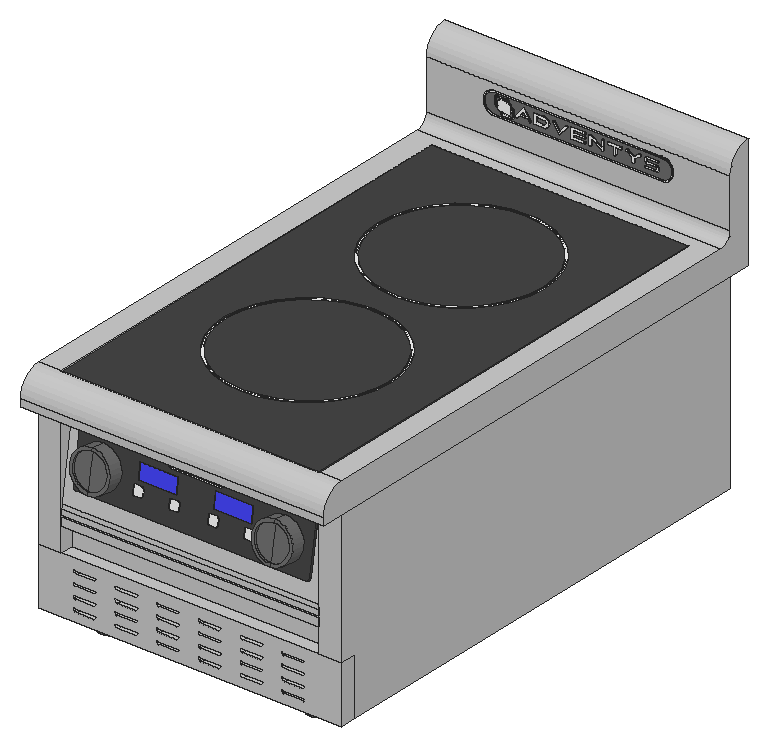
Revit family "QF_ADVENTYS_SK2I_6000_250903103850", category Specialty Equipment, Revit 2021
Family settings
  Round Connector Dimension = Use Diameter
  Part Type = Normal
  OmniClass Number = 23.40.40.14
  OmniClass Title = Food Service Equipment
  Work Plane-Based = No
  Always vertical = Yes
  Cut with Voids When Loaded = No
  Shared = No
  Room Calculation Point = No
Parameters (values of type "ADV2179")
  Weight in Pounds [instance] = 0
  Weight = 25.00 kg
  Warranty Start Date [instance] = ""
  Warranty Duration [instance] = ""
  Volts [instance] = 230 V
  URL Recommended Spares List = ""
  URL Manufacturer = ""
  URL Cutsheet = ""
  URL Critical Spares List = ""
  URL = "www.adventys.com"
  Tag Number [instance] = ""
  Status [instance] = ""
  Specification by User [instance] = ""
  Specification by Manufacturer [instance] = ""
  Sound Level [instance] = ""
  Solid Fuel Type [instance] = ""
  Service Life Duration [instance] = ""
  Serial Number [instance] = ""
  Seismic Rating [instance] = ""
  SMACNA No [instance] = ""
  Revision Code [instance] = ""
  Revision [instance] = ""
  Production Year [instance] = ""
  Point Load [instance] = 0
  Phase [instance] = 1
  Other Equipment Approvals [instance] = ""
  Number of Poles [instance] = 2
  NAFEM Spec ID Number [instance] = ""
  Model Warning [instance] = ""
  Model = "SK2I 6000"
  Min Ckt Ampacity [instance] = 0 A
  Max Overcurrent Protection [instance] = 32 A
  Masterspec [instance] = ""
  Manufacturer = "ADVENTYS"
  Length Actual = 400 mm
  Item Number [instance] = ""
  Installed By [instance] = ""
  Installation Date [instance] = ""
  Identify Quantity as Lot [instance] = no
  ID [instance] = ""
  Hygiene Approval [instance] = ""
  Hot Water Consumption = 0.0 L/s
  Height Actual = 310 mm
  HP power [instance] = ""
  Furnished By [instance] = ""
  Foodservice Equipment Identifier [instance] = no
  FL Amps [instance] = 27 A
  Electrical Remarks [instance] = "Plug not included"
  Electric power [instance] = 0 W
  Electric Connection Type [instance] = "Cord&Plug"
  Elec Conn RI Height [instance] = 0 mm
  Elec Conn Connection Height [instance] = 0 mm
  ETL Approved [instance] = no
  Description = "INDUCTION MODULE 2 ZONE"
  Depth Actual = 700 mm
  Default Elevation = 0 mm
  Cycle [instance] = 50 Hz
  Cost = 0
  Conn Plug [instance] = ""
  Conn Conduit [instance] = no
  CSI MasterFormat [instance] = ""
  CE Approved [instance] = no
  Barcode [instance] = 0
  Author [instance] = ""
  Asset Identifier [instance] = ""
  Apparent Power [instance] = 6000 VA
  Accessory = no
Reference planes
  plane 1 "Center (Front/Back)": y = 0
  plane 2: z = 0
  plane 3 "Center (Left/Right)": x = 0
Forms (mm)
  Extrusion 1, solid, not visible
    sketch origin (200.01, -32.002, 50.002) x (1, 0, 0) y (0, 1, 0)
      loop
        line (-2, 2) -> (-2, -2) -> (2, -2) -> (2, 2) -> (-2, 2)
    from -2 to 2
Dimensions and locks
  locked: Extrusion 1 to nested 2
  locked: nested 2 to Extrusion 1 at 2
  aligned and locked: level to plane 2
Nested families
  nested 1: "QF_ADVENTYS_ADV2179_2916" at (0, 0, 0), type "ADV2179"
    with Status "", Show Logo yes, Show Clearance yes
  nested 2: "CONN_POINT_ELE_2D___Generic_Annotation" at (200.01, -30.001, 50.002), type "CONN_POINT_ELE_2D___Generic_Annotation"
    with Onboard connection annotation symbol visibility yes
Connectors
  electrical at (200.01, -30.001, 50.002), driven by "Apparent Power", driven by "Number of Poles", driven by "Volts"
    settings: on Extrusion 1, index 1, voltage 230 V, apparent load 0 VA, apparent load phase1 6000 VA, apparent load phase2 0 VA, apparent load phase3 0 VA, power factor 1, load classification "Other", number of poles 2, system type 31, power factor state 1, is connector primary yes, connector utility no, sub classification motor no, connector description "Electrical connection for SK2I 6000"
Definition of nested family "QF_ADVENTYS_ADV2179_2916"
  Parameters (values of type "ADV2179")
    URL = "www.adventys.com"
    Status [instance] = ""
    Show Logo [instance] = yes
    Show Clearance [instance] = yes
    Model = "SK2I 6000"
    Manufacturer = "ADVENTYS"
    Description = "INDUCTION MODULE 2 ZONE"
    Default Elevation = 0 mm
    Author = "SPECIFI"
    Assembly Code = "E1090320"
  Reference planes
    plane 1 "Back": y = 0
    plane 2: z = 0
    plane 3 "Left": x = 0
    plane 4 "Right": x = 400
    plane 5 "Front": y = -700
    plane 6 "Top": z = 310
  Forms (mm)
    Extrusion 1, solid
      sketch origin (0, -550, -8.601) x (0, 1, 0) y (0, 0, 1)
        loop
          line (-150, 278.601) -> (550, 278.601) -> (550, 428.601)
          arc (550, 428.601) -> (528.787, 419.815) -> (520, 398.601) r 30
          line (520, 398.601) -> (520, 333.601)
          arc (520, 333.601) -> (515.607, 322.995) -> (505, 318.601) r 15
          line (505, 318.601) -> (-120, 318.601)
          arc (-120, 318.601) -> (-141.213, 309.815) -> (-150, 288.601) r 30
          line (-150, 288.601) -> (-150, 278.601)
      from 0 to 400
    Extrusion 2, solid, visible <- "Show Logo"
      sketch origin (66.717, 146.57, 781.431) x (1, 0, 0) y (0, 0, 1)
        loop
          arc (26.945, -405.612) -> (25.297, -406.294) -> (24.615, -407.942) r 2.329
          line (24.615, -407.942) -> (24.615, -413.701)
          arc (24.615, -413.701) -> (25.333, -415.383) -> (27.044, -416.028) r 2.329
          line (27.044, -416.028) -> (27.044, -411.667)
          arc (27.044, -411.667) -> (28.249, -409.269) -> (30.753, -408.302) r 3.727
          line (30.753, -408.302) -> (40.699, -408.302)
          arc (40.699, -408.302) -> (40.168, -406.427) -> (38.398, -405.612) r 2.329
          line (38.398, -405.612) -> (26.945, -405.612)
        loop
          arc (26.945, -404.215) -> (24.309, -405.306) -> (23.218, -407.942) r 3.727
          line (23.218, -407.942) -> (23.218, -413.701)
          arc (23.218, -413.701) -> (24.345, -416.371) -> (27.044, -417.427) r 3.727
          arc (27.044, -417.427) -> (27.999, -420.299) -> (30.77, -421.516) r 3.727
          arc (30.77, -421.516) -> (31.85, -424.173) -> (34.497, -425.277) r 3.727
          line (34.497, -425.277) -> (45.04, -425.277)
          arc (45.04, -425.277) -> (47.676, -424.185) -> (48.767, -421.55) r 3.727
          line (48.767, -421.55) -> (48.767, -416.154)
          arc (48.767, -416.154) -> (47.662, -413.505) -> (45.002, -412.427) r 3.727
          arc (45.002, -412.427) -> (44.322, -409.853) -> (42.098, -408.389) r 3.727
          arc (42.098, -408.389) -> (41.187, -405.47) -> (38.398, -404.215) r 3.727
          line (38.398, -404.215) -> (26.945, -404.215)
        loop
          arc (45.04, -423.879) -> (46.687, -423.197) -> (47.37, -421.55) r 2.329
          line (47.37, -421.55) -> (47.37, -416.154)
          arc (47.37, -416.154) -> (46.681, -414.501) -> (45.023, -413.825) r 2.329
          line (45.023, -413.825) -> (45.023, -417.789)
          arc (45.023, -417.789) -> (43.932, -420.424) -> (41.297, -421.516) r 3.727
          line (41.297, -421.516) -> (32.168, -421.516)
          arc (32.168, -421.516) -> (32.838, -423.185) -> (34.497, -423.879) r 2.329
          line (34.497, -423.879) -> (45.04, -423.879)
        loop
          arc (51.474, -419.149) -> (51.62, -421.006) -> (53.482, -420.957) r 1.353
          line (53.482, -420.957) -> (56.052, -418.386) -> (66.256, -418.386) -> (68.827, -420.957)
          arc (68.827, -420.957) -> (70.688, -421.006) -> (70.834, -419.149) r 1.353
          line (70.834, -419.149) -> (61.154, -407.195) -> (51.474, -419.149)
        loop
          line (61.154, -412) -> (57.878, -416.046) -> (64.43, -416.046) -> (61.154, -412)
        loop
          line (75.318, -407.422) -> (75.318, -421.177) -> (88.277, -421.177)
          arc (88.277, -421.177) -> (95.155, -414.299) -> (88.277, -407.422) r 6.877
          line (88.277, -407.422) -> (75.318, -407.422)
        loop
          line (88.277, -411.041) -> (78.937, -411.041) -> (78.937, -417.558) -> (88.277, -417.558)
          arc (88.277, -417.558) -> (91.536, -414.299) -> (88.277, -411.041) r 3.259
        loop
          arc (101.821, -408.219) -> (99.959, -408.171) -> (99.813, -410.027) r 1.353
          line (99.813, -410.027) -> (109.493, -421.981) -> (119.174, -410.027)
          arc (119.174, -410.027) -> (119.028, -408.171) -> (117.166, -408.219) r 1.353
          line (117.166, -408.219) -> (109.493, -417.694) -> (101.821, -408.219)
        loop
          line (142.076, -407.26) -> (123.764, -407.26) -> (123.764, -421.177) -> (142.076, -421.177)
          arc (142.076, -421.177) -> (143.489, -419.764) -> (142.076, -418.35) r 1.413
          line (142.076, -418.35) -> (126.938, -418.35) -> (126.938, -415.564) -> (142.076, -415.564)
          arc (142.076, -415.564) -> (143.355, -414.285) -> (142.076, -413.006) r 1.279
          line (142.076, -413.006) -> (126.938, -413.006) -> (126.938, -410.087) -> (142.076, -410.087)
          arc (142.076, -410.087) -> (143.489, -408.673) -> (142.076, -407.26) r 1.413
        loop
          line (147.746, -409.199) -> (147.746, -419.562)
          arc (147.746, -419.562) -> (149.249, -421.066) -> (150.753, -419.562) r 1.504
          line (150.753, -419.562) -> (150.753, -411.984) -> (164.154, -420.358)
          arc (164.154, -420.358) -> (166.328, -420.415) -> (167.432, -418.542) r 2.142
          line (167.432, -418.542) -> (167.432, -408.927)
          arc (167.432, -408.927) -> (165.846, -407.341) -> (164.26, -408.927) r 1.586
          line (164.26, -408.927) -> (164.26, -416.262) -> (150.507, -407.668)
          arc (150.507, -407.668) -> (148.676, -407.62) -> (147.746, -409.199) r 1.805
        loop
          arc (173.786, -407.529) -> (172.045, -409.271) -> (173.786, -411.012) r 1.741
          line (173.786, -411.012) -> (180.099, -411.012) -> (180.099, -418.888)
          arc (180.099, -418.888) -> (181.773, -420.563) -> (183.448, -418.888) r 1.675
          line (183.448, -418.888) -> (183.448, -411.012) -> (189.463, -411.012)
          arc (189.463, -411.012) -> (191.205, -409.271) -> (189.463, -407.529) r 1.741
          line (189.463, -407.529) -> (173.786, -407.529)
        loop
          line (206.15, -412.172) -> (199.243, -407.513)
          arc (199.243, -407.513) -> (196.903, -407.967) -> (197.358, -410.307) r 1.685
          line (197.358, -410.307) -> (204.265, -414.966) -> (204.265, -418.978)
          arc (204.265, -418.978) -> (206.15, -420.863) -> (208.035, -418.978) r 1.885
          line (208.035, -418.978) -> (208.035, -414.966) -> (214.942, -410.307)
          arc (214.942, -410.307) -> (215.397, -407.967) -> (213.057, -407.513) r 1.685
          line (213.057, -407.513) -> (206.15, -412.172)
        loop
          line (237.989, -407.529) -> (224.935, -407.529)
          arc (224.935, -407.529) -> (220.943, -411.522) -> (224.935, -415.515) r 3.993
          line (224.935, -415.515) -> (235.702, -415.515)
          arc (235.702, -415.515) -> (237.157, -416.969) -> (235.702, -418.424) r 1.455
          line (235.702, -418.424) -> (222.585, -418.424)
          arc (222.585, -418.424) -> (221.382, -419.627) -> (222.585, -420.83) r 1.203
          line (222.585, -420.83) -> (236.992, -420.83)
          arc (236.992, -420.83) -> (239.726, -416.462) -> (235.818, -413.103) r 3.953
          line (235.818, -413.103) -> (224.727, -413.103)
          arc (224.727, -413.103) -> (223.143, -411.519) -> (224.727, -409.936) r 1.584
          line (224.727, -409.936) -> (237.989, -409.936)
          arc (237.989, -409.936) -> (239.192, -408.732) -> (237.989, -407.529) r 1.203
        loop
          arc (22.934, -401.559) -> (9.66, -414.832) -> (22.934, -428.106) r 13.274
          line (22.934, -428.106) -> (243.631, -428.106)
          arc (243.631, -428.106) -> (256.905, -414.832) -> (243.631, -401.559) r 13.274
          line (243.631, -401.559) -> (22.934, -401.559)
        loop
          arc (22.934, -400.181) -> (8.283, -414.832) -> (22.934, -429.484) r 14.651
          line (22.934, -429.484) -> (243.631, -429.484)
          arc (243.631, -429.484) -> (258.283, -414.832) -> (243.631, -400.181) r 14.651
          line (243.631, -400.181) -> (22.934, -400.181)
      from 176.77 to 176.97
    Extrusion 3, solid, visible <- "Show Logo"
      sketch origin (66.717, -30.4, 781.431) x (1, 0, 0) y (0, 0, 1)
        loop
          arc (243.631, -429.484) -> (258.283, -414.832) -> (243.631, -400.181) r 14.651
          line (243.631, -400.181) -> (22.934, -400.181)
          arc (22.934, -400.181) -> (8.283, -414.832) -> (22.934, -429.484) r 14.651
          line (22.934, -429.484) -> (243.631, -429.484)
      from -0.2 to -0.4
    Extrusion 4, solid
      sketch origin (0, 0, 137.109) x (1, 0, 0) y (0, 1, 0)
        loop
          line (30, -670) -> (370, -670) -> (370, -60) -> (30, -60) -> (30, -670)
        loop
          circle (200, -223.107) r 110
        loop
          circle (200, -223.107) r 107.317
        loop
          circle (200, -476.893) r 110
        loop
          circle (200, -476.893) r 107.317
      from 167.891 to 172.891
    Extrusion 5, void
      sketch origin (0, 0, 0) x (1, 0, 0) y (0, 1, 0)
        loop
          line (370, -60) -> (30, -60) -> (30, -670) -> (370, -670) -> (370, -60)
      from 270 to 310
    Extrusion 6, solid
      sketch origin (0, -550, -8.601) x (0, -1, 0) y (0, 0, 1)
        loop
          line (-520, 278.601) -> (-520, 28.601) -> (100, 28.601) -> (100, 103.601) -> (120, 103.601) -> (120, 278.601) -> (-520, 278.601)
      from 0 to -30
    Extrusion 7, solid
      sketch origin (370, -550, -8.601) x (0, -1, 0) y (0, 0, 1)
        loop
          line (-520, 278.601) -> (-520, 28.601) -> (100, 28.601) -> (100, 103.601) -> (120, 103.601) -> (120, 278.601) -> (-520, 278.601)
      from 0 to -30
    Extrusion 8, solid
      sketch origin (0, -550, 44.054) x (0, -1, 0) y (0, 0, 1)
        loop
          line (120, 93.601) -> (100, 93.601) -> (100, 50.946) -> (102, 50.946) -> (102, 91.579) -> (118, 91.579) -> (118, 83.601) -> (120, 83.601) -> (120, 93.601)
      from -370 to -30
    Extrusion 9, solid
      sketch origin (0, -550, -8.601) x (0, -1, 0) y (0, 0, 1)
        loop
          line (120, 148.757) -> (120, 155.573)
          arc (120, 155.573) -> (119.875, 158.747) -> (119.502, 161.902) r 40.459
          line (119.502, 161.902) -> (101.019, 278.601) -> (-520, 278.601) -> (-520, 28.601) -> (100, 28.601) -> (100, 148.757) -> (120, 148.757)
      from -370 to -30
    Extrusion 10, solid
      sketch origin (2.404, -670, 20) x (1, 0, 0) y (0, 0, 1)
        loop
          line (-2.404, 75) -> (-2.404, 0) -> (397.596, 0) -> (397.596, 75) -> (-2.404, 75)
        loop
          arc (43.912, 61.172) -> (44.726, 58.129) -> (47.581, 56.797) r 3.726
          line (47.581, 56.797) -> (70.579, 56.797)
          arc (70.579, 56.797) -> (73.434, 58.129) -> (74.248, 61.172) r 3.726
          line (74.248, 61.172) -> (43.912, 61.172)
        loop
          arc (98.912, 61.172) -> (99.726, 58.129) -> (102.581, 56.797) r 3.726
          line (102.581, 56.797) -> (125.579, 56.797)
          arc (125.579, 56.797) -> (128.434, 58.129) -> (129.248, 61.172) r 3.726
          line (129.248, 61.172) -> (98.912, 61.172)
        loop
          arc (153.912, 61.172) -> (154.726, 58.129) -> (157.581, 56.797) r 3.726
          line (157.581, 56.797) -> (180.579, 56.797)
          arc (180.579, 56.797) -> (183.434, 58.129) -> (184.248, 61.172) r 3.726
          line (184.248, 61.172) -> (153.912, 61.172)
        loop
          arc (208.912, 61.172) -> (209.726, 58.129) -> (212.581, 56.797) r 3.726
          line (212.581, 56.797) -> (235.579, 56.797)
          arc (235.579, 56.797) -> (238.434, 58.129) -> (239.248, 61.172) r 3.726
          line (239.248, 61.172) -> (208.912, 61.172)
        loop
          arc (263.912, 61.172) -> (264.726, 58.129) -> (267.581, 56.797) r 3.726
          line (267.581, 56.797) -> (290.579, 56.797)
          arc (290.579, 56.797) -> (293.434, 58.129) -> (294.248, 61.172) r 3.726
          line (294.248, 61.172) -> (263.912, 61.172)
        loop
          arc (318.912, 61.172) -> (319.726, 58.129) -> (322.581, 56.797) r 3.726
          line (322.581, 56.797) -> (345.579, 56.797)
          arc (345.579, 56.797) -> (348.434, 58.129) -> (349.248, 61.172) r 3.726
          line (349.248, 61.172) -> (318.912, 61.172)
        loop
          arc (43.912, 46.172) -> (44.726, 43.129) -> (47.581, 41.797) r 3.726
          line (47.581, 41.797) -> (70.579, 41.797)
          arc (70.579, 41.797) -> (73.434, 43.129) -> (74.248, 46.172) r 3.726
          line (74.248, 46.172) -> (43.912, 46.172)
        loop
          arc (98.912, 46.172) -> (99.726, 43.129) -> (102.581, 41.797) r 3.726
          line (102.581, 41.797) -> (125.579, 41.797)
          arc (125.579, 41.797) -> (128.434, 43.129) -> (129.248, 46.172) r 3.726
          line (129.248, 46.172) -> (98.912, 46.172)
        loop
          arc (153.912, 46.172) -> (154.726, 43.129) -> (157.581, 41.797) r 3.726
          line (157.581, 41.797) -> (180.579, 41.797)
          arc (180.579, 41.797) -> (183.434, 43.129) -> (184.248, 46.172) r 3.726
          line (184.248, 46.172) -> (153.912, 46.172)
        loop
          arc (208.912, 46.172) -> (209.726, 43.129) -> (212.581, 41.797) r 3.726
          line (212.581, 41.797) -> (235.579, 41.797)
          arc (235.579, 41.797) -> (238.434, 43.129) -> (239.248, 46.172) r 3.726
          line (239.248, 46.172) -> (208.912, 46.172)
        loop
          arc (263.912, 46.172) -> (264.726, 43.129) -> (267.581, 41.797) r 3.726
          line (267.581, 41.797) -> (290.579, 41.797)
          arc (290.579, 41.797) -> (293.434, 43.129) -> (294.248, 46.172) r 3.726
          line (294.248, 46.172) -> (263.912, 46.172)
        loop
          arc (318.912, 46.172) -> (319.726, 43.129) -> (322.581, 41.797) r 3.726
          line (322.581, 41.797) -> (345.579, 41.797)
          arc (345.579, 41.797) -> (348.434, 43.129) -> (349.248, 46.172) r 3.726
          line (349.248, 46.172) -> (318.912, 46.172)
        loop
          arc (43.912, 31.172) -> (44.726, 28.129) -> (47.581, 26.797) r 3.726
          line (47.581, 26.797) -> (70.579, 26.797)
          arc (70.579, 26.797) -> (73.434, 28.129) -> (74.248, 31.172) r 3.726
          line (74.248, 31.172) -> (43.912, 31.172)
        loop
          arc (98.912, 31.172) -> (99.726, 28.129) -> (102.581, 26.797) r 3.726
          line (102.581, 26.797) -> (125.579, 26.797)
          arc (125.579, 26.797) -> (128.434, 28.129) -> (129.248, 31.172) r 3.726
          line (129.248, 31.172) -> (98.912, 31.172)
        loop
          arc (153.912, 31.172) -> (154.726, 28.129) -> (157.581, 26.797) r 3.726
          line (157.581, 26.797) -> (180.579, 26.797)
          arc (180.579, 26.797) -> (183.434, 28.129) -> (184.248, 31.172) r 3.726
          line (184.248, 31.172) -> (153.912, 31.172)
        loop
          arc (208.912, 31.172) -> (209.726, 28.129) -> (212.581, 26.797) r 3.726
          line (212.581, 26.797) -> (235.579, 26.797)
          arc (235.579, 26.797) -> (238.434, 28.129) -> (239.248, 31.172) r 3.726
          line (239.248, 31.172) -> (208.912, 31.172)
        loop
          arc (263.912, 31.172) -> (264.726, 28.129) -> (267.581, 26.797) r 3.726
          line (267.581, 26.797) -> (290.579, 26.797)
          arc (290.579, 26.797) -> (293.434, 28.129) -> (294.248, 31.172) r 3.726
          line (294.248, 31.172) -> (263.912, 31.172)
        loop
          arc (318.912, 31.172) -> (319.726, 28.129) -> (322.581, 26.797) r 3.726
          line (322.581, 26.797) -> (345.579, 26.797)
          arc (345.579, 26.797) -> (348.434, 28.129) -> (349.248, 31.172) r 3.726
          line (349.248, 31.172) -> (318.912, 31.172)
        loop
          arc (43.912, 16.172) -> (44.726, 13.129) -> (47.581, 11.797) r 3.726
          line (47.581, 11.797) -> (70.579, 11.797)
          arc (70.579, 11.797) -> (73.434, 13.129) -> (74.248, 16.172) r 3.726
          line (74.248, 16.172) -> (43.912, 16.172)
        loop
          arc (98.912, 16.172) -> (99.726, 13.129) -> (102.581, 11.797) r 3.726
          line (102.581, 11.797) -> (125.579, 11.797)
          arc (125.579, 11.797) -> (128.434, 13.129) -> (129.248, 16.172) r 3.726
          line (129.248, 16.172) -> (98.912, 16.172)
        loop
          arc (153.912, 16.172) -> (154.726, 13.129) -> (157.581, 11.797) r 3.726
          line (157.581, 11.797) -> (180.579, 11.797)
          arc (180.579, 11.797) -> (183.434, 13.129) -> (184.248, 16.172) r 3.726
          line (184.248, 16.172) -> (153.912, 16.172)
        loop
          arc (208.912, 16.172) -> (209.726, 13.129) -> (212.581, 11.797) r 3.726
          line (212.581, 11.797) -> (235.579, 11.797)
          arc (235.579, 11.797) -> (238.434, 13.129) -> (239.248, 16.172) r 3.726
          line (239.248, 16.172) -> (208.912, 16.172)
        loop
          arc (263.912, 16.172) -> (264.726, 13.129) -> (267.581, 11.797) r 3.726
          line (267.581, 11.797) -> (290.579, 11.797)
          arc (290.579, 11.797) -> (293.434, 13.129) -> (294.248, 16.172) r 3.726
          line (294.248, 16.172) -> (263.912, 16.172)
        loop
          arc (318.912, 16.172) -> (319.726, 13.129) -> (322.581, 11.797) r 3.726
          line (322.581, 11.797) -> (345.579, 11.797)
          arc (345.579, 11.797) -> (348.434, 13.129) -> (349.248, 16.172) r 3.726
          line (349.248, 16.172) -> (318.912, 16.172)
      from 0 to -20
    Extrusion 11, solid
      sketch origin (0, 0, 0) x (1, 0, 0) y (0, 1, 0)
        loop
          circle (62.664, -630) r 15
        loop
          circle (337.336, -630) r 15
        loop
          circle (62.664, -70) r 15
        loop
          circle (337.336, -70) r 15
      from 0 to 20
    Extrusion 12, solid
      sketch origin (45, -464.968, 530.558) x (1, 0, 0) y (0, 0.156434, 0.987688)
        loop
          arc (306, -384.032) -> (309.536, -382.568) -> (311, -379.032) r 5
          line (311, -379.032) -> (311, -312.032)
          arc (311, -312.032) -> (309.536, -308.496) -> (306, -307.032) r 5
          line (306, -307.032) -> (4, -307.032)
          arc (4, -307.032) -> (0.464, -308.496) -> (-1, -312.032) r 5
          line (-1, -312.032) -> (-1, -379.032)
          arc (-1, -379.032) -> (0.464, -382.568) -> (4, -384.032) r 5
          line (4, -384.032) -> (306, -384.032)
        loop
          line (179.477, -325.532) -> (179.477, -345.532) -> (229.477, -345.532) -> (229.477, -325.532) -> (179.477, -325.532)
        loop
          arc (224.308, -351.749) -> (222.531, -352.485) -> (221.795, -354.262) r 2.513
          line (221.795, -354.262) -> (221.795, -361.802)
          arc (221.795, -361.802) -> (222.531, -363.579) -> (224.308, -364.315) r 2.513
          line (224.308, -364.315) -> (232.353, -364.315)
          arc (232.353, -364.315) -> (234.13, -363.579) -> (234.866, -361.802) r 2.513
          line (234.866, -361.802) -> (234.866, -354.262)
          arc (234.866, -354.262) -> (234.13, -352.485) -> (232.353, -351.749) r 2.513
          line (232.353, -351.749) -> (224.308, -351.749)
        loop
          line (184.645, -351.749) -> (176.6, -351.749)
          arc (176.6, -351.749) -> (174.823, -352.485) -> (174.087, -354.262) r 2.513
          line (174.087, -354.262) -> (174.087, -361.802)
          arc (174.087, -361.802) -> (174.823, -363.579) -> (176.6, -364.315) r 2.513
          line (176.6, -364.315) -> (184.645, -364.315)
          arc (184.645, -364.315) -> (186.422, -363.579) -> (187.159, -361.802) r 2.513
          line (187.159, -361.802) -> (187.159, -354.262)
          arc (187.159, -354.262) -> (186.422, -352.485) -> (184.645, -351.749) r 2.513
        loop
          line (130.523, -325.532) -> (80.523, -325.532) -> (80.523, -345.532) -> (130.523, -345.532) -> (130.523, -325.532)
        loop
          line (85.692, -351.749) -> (77.647, -351.749)
          arc (77.647, -351.749) -> (75.87, -352.485) -> (75.134, -354.262) r 2.513
          line (75.134, -354.262) -> (75.134, -361.802)
          arc (75.134, -361.802) -> (75.87, -363.579) -> (77.647, -364.315) r 2.513
          line (77.647, -364.315) -> (85.692, -364.315)
          arc (85.692, -364.315) -> (87.469, -363.579) -> (88.205, -361.802) r 2.513
          line (88.205, -361.802) -> (88.205, -354.262)
          arc (88.205, -354.262) -> (87.469, -352.485) -> (85.692, -351.749) r 2.513
        loop
          arc (125.355, -351.749) -> (123.578, -352.485) -> (122.841, -354.262) r 2.513
          line (122.841, -354.262) -> (122.841, -361.802)
          arc (122.841, -361.802) -> (123.578, -363.579) -> (125.355, -364.315) r 2.513
          line (125.355, -364.315) -> (133.4, -364.315)
          arc (133.4, -364.315) -> (135.177, -363.579) -> (135.913, -361.802) r 2.513
          line (135.913, -361.802) -> (135.913, -354.262)
          arc (135.913, -354.262) -> (135.177, -352.485) -> (133.4, -351.749) r 2.513
          line (133.4, -351.749) -> (125.355, -351.749)
      from 143 to 145
    Extrusion 13, solid
      sketch origin (45, -464.968, 530.558) x (1, 0, 0) y (0, 0.156434, 0.987688)
        loop
          line (85.692, -351.749) -> (77.647, -351.749)
          arc (77.647, -351.749) -> (75.87, -352.485) -> (75.134, -354.262) r 2.513
          line (75.134, -354.262) -> (75.134, -361.802)
          arc (75.134, -361.802) -> (75.87, -363.579) -> (77.647, -364.315) r 2.513
          line (77.647, -364.315) -> (85.692, -364.315)
          arc (85.692, -364.315) -> (87.469, -363.579) -> (88.205, -361.802) r 2.513
          line (88.205, -361.802) -> (88.205, -354.262)
          arc (88.205, -354.262) -> (87.469, -352.485) -> (85.692, -351.749) r 2.513
        loop
          line (133.4, -351.749) -> (125.355, -351.749)
          arc (125.355, -351.749) -> (123.578, -352.485) -> (122.841, -354.262) r 2.513
          line (122.841, -354.262) -> (122.841, -361.802)
          arc (122.841, -361.802) -> (123.578, -363.579) -> (125.355, -364.315) r 2.513
          line (125.355, -364.315) -> (133.4, -364.315)
          arc (133.4, -364.315) -> (135.177, -363.579) -> (135.913, -361.802) r 2.513
          line (135.913, -361.802) -> (135.913, -354.262)
          arc (135.913, -354.262) -> (135.177, -352.485) -> (133.4, -351.749) r 2.513
        loop
          line (184.645, -351.749) -> (176.6, -351.749)
          arc (176.6, -351.749) -> (174.823, -352.485) -> (174.087, -354.262) r 2.513
          line (174.087, -354.262) -> (174.087, -361.802)
          arc (174.087, -361.802) -> (174.823, -363.579) -> (176.6, -364.315) r 2.513
          line (176.6, -364.315) -> (184.645, -364.315)
          arc (184.645, -364.315) -> (186.422, -363.579) -> (187.159, -361.802) r 2.513
          line (187.159, -361.802) -> (187.159, -354.262)
          arc (187.159, -354.262) -> (186.422, -352.485) -> (184.645, -351.749) r 2.513
        loop
          line (232.353, -351.749) -> (224.308, -351.749)
          arc (224.308, -351.749) -> (222.531, -352.485) -> (221.795, -354.262) r 2.513
          line (221.795, -354.262) -> (221.795, -361.802)
          arc (221.795, -361.802) -> (222.531, -363.579) -> (224.308, -364.315) r 2.513
          line (224.308, -364.315) -> (232.353, -364.315)
          arc (232.353, -364.315) -> (234.13, -363.579) -> (234.866, -361.802) r 2.513
          line (234.866, -361.802) -> (234.866, -354.262)
          arc (234.866, -354.262) -> (234.13, -352.485) -> (232.353, -351.749) r 2.513
      from 143 to 145
    Extrusion 14, solid
      sketch origin (65, -465.906, 524.632) x (1, 0, 0) y (0, 0.156434, 0.987688)
        loop
          line (60.523, -319.532) -> (60.523, -339.532) -> (110.523, -339.532) -> (110.523, -319.532) -> (60.523, -319.532)
        loop
          line (159.477, -319.532) -> (159.477, -339.532) -> (209.477, -339.532) -> (209.477, -319.532) -> (159.477, -319.532)
      from 143 to 145
    Revolve 15, solid
      sketch origin (320, -468.414, 359.459) x (0, 0.156434, 0.987688) y (0, -0.987688, 0.156434)
        loop
          line (-176, 168.362) -> (-160.729, 168.362) -> (-160.729, 173.362) -> (-149.125, 173.362) -> (-149.125, 191.544) -> (-153.125, 191.544) -> (-153.125, 189.544) -> (-176, 189.544) -> (-176, 168.362)
        axis (-176, 191.544) -> (-176, 168.362)
      angle from 0 to 360
    Revolve 16, solid
      sketch origin (80, -468.414, 359.459) x (0, 0.156434, 0.987688) y (0, 0.987688, -0.156434)
        loop
          line (-176, -168.362) -> (-176, -189.544) -> (-153.125, -189.544) -> (-153.125, -191.544) -> (-149.125, -191.544) -> (-149.125, -173.362) -> (-160.729, -173.362) -> (-160.729, -168.362) -> (-176, -168.362)
        axis (-176, -191.544) -> (-176, -168.362)
      angle from 0 to 360
    Extrusion 17, solid
      sketch origin (0, 140, 104) x (1, 0, 0) y (0, 1, 0)
        loop
          circle (200, -363.107) r 107.317
        loop
          circle (200, -363.107) r 110
      from 201 to 206
    Extrusion 18, solid
      sketch origin (0, -840, 104) x (1, 0, 0) y (0, 1, 0)
        loop
          circle (200, 363.107) r 107.317
        loop
          circle (200, 363.107) r 110
      from 201 to 206
    Extrusion 19, solid
      sketch origin (78.677, -416.584, 632.955) x (1, 0, 0) y (0, 0.156434, 0.987688)
        loop
          arc (88.7, -421.254) -> (88.222, -421.452) -> (88.024, -421.93) r 0.676
          line (88.024, -421.93) -> (88.024, -423.602)
          arc (88.024, -423.602) -> (88.232, -424.091) -> (88.729, -424.278) r 0.676
          line (88.729, -424.278) -> (88.729, -423.012)
          arc (88.729, -423.012) -> (89.079, -422.316) -> (89.806, -422.035) r 1.082
          line (89.806, -422.035) -> (92.693, -422.035)
          arc (92.693, -422.035) -> (92.539, -421.491) -> (92.025, -421.254) r 0.676
          line (92.025, -421.254) -> (88.7, -421.254)
        loop
          arc (88.7, -420.848) -> (87.935, -421.165) -> (87.618, -421.93) r 1.082
          line (87.618, -421.93) -> (87.618, -423.602)
          arc (87.618, -423.602) -> (87.945, -424.378) -> (88.729, -424.684) r 1.082
          arc (88.729, -424.684) -> (89.006, -425.518) -> (89.811, -425.871) r 1.082
          arc (89.811, -425.871) -> (90.124, -426.642) -> (90.893, -426.963) r 1.082
          line (90.893, -426.963) -> (93.953, -426.963)
          arc (93.953, -426.963) -> (94.718, -426.646) -> (95.035, -425.881) r 1.082
          line (95.035, -425.881) -> (95.035, -424.315)
          arc (95.035, -424.315) -> (94.714, -423.546) -> (93.942, -423.233) r 1.082
          arc (93.942, -423.233) -> (93.745, -422.485) -> (93.099, -422.06) r 1.082
          arc (93.099, -422.06) -> (92.835, -421.213) -> (92.025, -420.848) r 1.082
          line (92.025, -420.848) -> (88.7, -420.848)
        loop
          arc (93.953, -426.557) -> (94.431, -426.359) -> (94.629, -425.881) r 0.676
          line (94.629, -425.881) -> (94.629, -424.315)
          arc (94.629, -424.315) -> (94.43, -423.835) -> (93.948, -423.638) r 0.676
          line (93.948, -423.638) -> (93.948, -424.789)
          arc (93.948, -424.789) -> (93.631, -425.554) -> (92.866, -425.871) r 1.082
          line (92.866, -425.871) -> (90.216, -425.871)
          arc (90.216, -425.871) -> (90.411, -426.355) -> (90.893, -426.557) r 0.676
          line (90.893, -426.557) -> (93.953, -426.557)
        loop
          arc (95.821, -425.184) -> (95.863, -425.723) -> (96.404, -425.709) r 0.393
          line (96.404, -425.709) -> (97.15, -424.963) -> (100.112, -424.963) -> (100.858, -425.709)
          arc (100.858, -425.709) -> (101.399, -425.723) -> (101.441, -425.184) r 0.393
          line (101.441, -425.184) -> (98.631, -421.714) -> (95.821, -425.184)
        loop
          line (98.631, -423.109) -> (97.68, -424.283) -> (99.582, -424.283) -> (98.631, -423.109)
        loop
          line (102.743, -421.78) -> (102.743, -425.773) -> (106.505, -425.773)
          arc (106.505, -425.773) -> (108.501, -423.776) -> (106.505, -421.78) r 1.997
          line (106.505, -421.78) -> (102.743, -421.78)
        loop
          line (106.505, -422.83) -> (103.793, -422.83) -> (103.793, -424.722) -> (106.505, -424.722)
          arc (106.505, -424.722) -> (107.451, -423.776) -> (106.505, -422.83) r 0.946
        loop
          arc (110.437, -422.011) -> (109.896, -421.997) -> (109.854, -422.536) r 0.393
          line (109.854, -422.536) -> (112.664, -426.006) -> (115.474, -422.536)
          arc (115.474, -422.536) -> (115.432, -421.997) -> (114.891, -422.011) r 0.393
          line (114.891, -422.011) -> (112.664, -424.762) -> (110.437, -422.011)
        loop
          line (122.122, -421.733) -> (116.807, -421.733) -> (116.807, -425.773) -> (122.122, -425.773)
          arc (122.122, -425.773) -> (122.533, -425.362) -> (122.122, -424.952) r 0.41
          line (122.122, -424.952) -> (117.728, -424.952) -> (117.728, -424.143) -> (122.122, -424.143)
          arc (122.122, -424.143) -> (122.494, -423.772) -> (122.122, -423.401) r 0.371
          line (122.122, -423.401) -> (117.728, -423.401) -> (117.728, -422.553) -> (122.122, -422.553)
          arc (122.122, -422.553) -> (122.533, -422.143) -> (122.122, -421.733) r 0.41
        loop
          line (123.768, -422.295) -> (123.768, -425.304)
          arc (123.768, -425.304) -> (124.205, -425.74) -> (124.641, -425.304) r 0.437
          line (124.641, -425.304) -> (124.641, -423.104) -> (128.532, -425.535)
          arc (128.532, -425.535) -> (129.163, -425.551) -> (129.483, -425.008) r 0.622
          line (129.483, -425.008) -> (129.483, -422.216)
          arc (129.483, -422.216) -> (129.023, -421.756) -> (128.563, -422.216) r 0.46
          line (128.563, -422.216) -> (128.563, -424.346) -> (124.57, -421.851)
          arc (124.57, -421.851) -> (124.038, -421.837) -> (123.768, -422.295) r 0.524
        loop
          arc (131.328, -421.811) -> (130.822, -422.316) -> (131.328, -422.822) r 0.506
          line (131.328, -422.822) -> (133.16, -422.822) -> (133.16, -425.108)
          arc (133.16, -425.108) -> (133.647, -425.594) -> (134.133, -425.108) r 0.486
          line (134.133, -425.108) -> (134.133, -422.822) -> (135.879, -422.822)
          arc (135.879, -422.822) -> (136.384, -422.316) -> (135.879, -421.811) r 0.506
          line (135.879, -421.811) -> (131.328, -421.811)
        loop
          line (140.723, -423.158) -> (138.718, -421.806)
          arc (138.718, -421.806) -> (138.039, -421.938) -> (138.171, -422.617) r 0.489
          line (138.171, -422.617) -> (140.176, -423.97) -> (140.176, -425.134)
          arc (140.176, -425.134) -> (140.723, -425.682) -> (141.27, -425.134) r 0.547
          line (141.27, -425.134) -> (141.27, -423.97) -> (143.275, -422.617)
          arc (143.275, -422.617) -> (143.407, -421.938) -> (142.728, -421.806) r 0.489
          line (142.728, -421.806) -> (140.723, -423.158)
        loop
          line (149.966, -421.811) -> (146.176, -421.811)
          arc (146.176, -421.811) -> (145.017, -422.97) -> (146.176, -424.129) r 1.159
          line (146.176, -424.129) -> (149.302, -424.129)
          arc (149.302, -424.129) -> (149.724, -424.551) -> (149.302, -424.973) r 0.422
          line (149.302, -424.973) -> (145.494, -424.973)
          arc (145.494, -424.973) -> (145.145, -425.323) -> (145.494, -425.672) r 0.349
          line (145.494, -425.672) -> (149.676, -425.672)
          arc (149.676, -425.672) -> (150.47, -424.404) -> (149.336, -423.429) r 1.147
          line (149.336, -423.429) -> (146.116, -423.429)
          arc (146.116, -423.429) -> (145.656, -422.969) -> (146.116, -422.509) r 0.46
          line (146.116, -422.509) -> (149.966, -422.509)
          arc (149.966, -422.509) -> (150.315, -422.16) -> (149.966, -421.811) r 0.349
        loop
          arc (87.536, -420.077) -> (83.683, -423.931) -> (87.536, -427.784) r 3.853
          line (87.536, -427.784) -> (151.604, -427.784)
          arc (151.604, -427.784) -> (155.457, -423.931) -> (151.604, -420.077) r 3.853
          line (151.604, -420.077) -> (87.536, -420.077)
        loop
          arc (87.536, -419.677) -> (83.283, -423.931) -> (87.536, -428.184) r 4.253
          line (87.536, -428.184) -> (151.604, -428.184)
          arc (151.604, -428.184) -> (155.857, -423.931) -> (151.604, -419.677) r 4.253
          line (151.604, -419.677) -> (87.536, -419.677)
      from 176.77 to 176.97
  Cuts and joins
    Extrusion 5 cuts Extrusion 1
  Lines and regions (mm)
    symbolic lines
      curve 1: line (400, -700, 0) -> (400, 0, 0)
      curve 2: line (400, 0, 0) -> (0, 0, 0)
      curve 3: line (0, 0, 0) -> (0, -700, 0)
      curve 4: line (400, -700, 0) -> (0, -700, 0)
      curve 5: line (400, -30, 0) -> (0, -30, 0)
      curve 6: line (370, -60, 0) -> (30, -60, 0)
      curve 7: line (370, -670, 0) -> (370, -60, 0)
      curve 8: line (30, -670, 0) -> (370, -670, 0)
      curve 9: line (30, -60, 0) -> (30, -670, 0)
      curve 10: arc (92.683, -223.107, 0) -> (200, -115.79, 0) -> (307.317, -223.107, 0) r 107.317
      curve 11: arc (310, -223.107, 0) -> (200, -113.107, 0) -> (90, -223.107, 0) r 110
      curve 12: arc (90, -223.107, 0) -> (200, -333.107, 0) -> (310, -223.107, 0) r 110
      curve 13: arc (307.317, -223.107, 0) -> (200, -330.424, 0) -> (92.683, -223.107, 0) r 107.317
      curve 14: arc (92.683, -476.893, 0) -> (200, -584.21, 0) -> (307.317, -476.893, 0) r 107.317
      curve 15: arc (310, -476.893, 0) -> (200, -586.893, 0) -> (90, -476.893, 0) r 110
      curve 16: arc (90, -476.893, 0) -> (200, -366.893, 0) -> (310, -476.893, 0) r 110
      curve 17: arc (307.317, -476.893, 0) -> (200, -369.576, 0) -> (92.683, -476.893, 0) r 107.317
  Dimensions and locks
    plane 3 "Left" to plane 4 "Right" = 400 mm
    plane 5 "Front" to plane 1 "Back" = 700 mm
    plane 6 "Top" to level = 310 mm  (x2)
    aligned and locked: level to plane 2
Definition of nested family "CONN_POINT_ELE_2D___Generic_Annotation"
  Parameters (values of type "CONN_POINT_ELE_2D___Generic_Annotation")
    Onboard connection annotation symbol visibility [instance] = yes
  Reference planes
    plane 1: y = 0
    plane 2: x = 0
  Lines and regions (mm)
    detail lines, visible <- "Onboard connection annotation symbol visibility"
      curve 1: circle (0, 0, 0) r 0.5 normal (0, 0, 1)
      curve 2: line (-1, 0, 0) -> (1, 0, 0)
      curve 3: line (0, 1, 0) -> (0, -1, 0)
      curve 4: line (2.5, 1, 0) -> (1.25, 1, 0)
      curve 5: line (1.25, 1, 0) -> (1.25, -1, 0)
      curve 6: line (1.25, -1, 0) -> (2.5, -1, 0)
      curve 7: line (1.25, 0, 0) -> (2, 0, 0)
